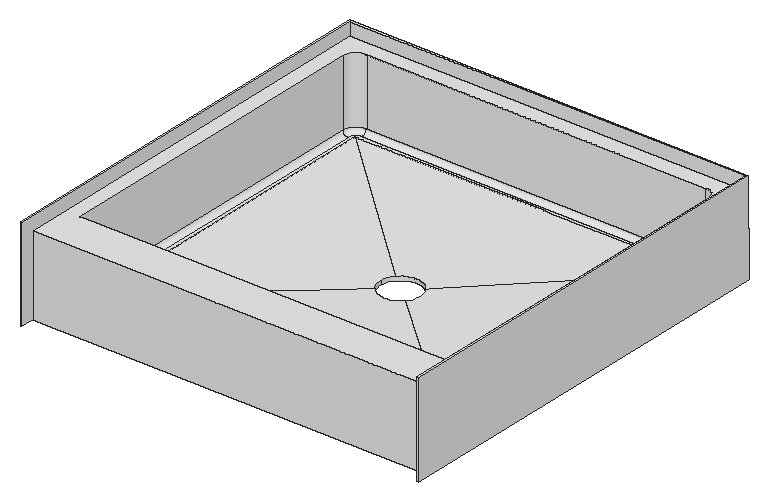
Revit family "P3030", category Plumbing Fixtures, Revit 2014
Parameters (values of type "P3030")
  Unit Width = 30"
  Unit Height = 7"
  Unit Depth = 31"
  URL = "http://www.best-bath.com/"
  Type Comments = "Remodeler"
  Model = "P3030"
  Material [instance] = Best Bath Gelcoat Fiberglass - Smooth
  Manufacturer = "Best Bath Systems, Inc."
  Keynote = "22 40 00.B3"
  Description = "Shower Pan"
  Assembly Code = "D2010710"
Reference planes (in)
  plane 1 "Back": y = -0.5
  plane 2: z = 0
  plane 3 "Left": x = 0
  plane 4: x = 30
  plane 5: z = 6
  plane 6: z = 7
  plane 7: x = 15
  plane 8: y = 29.5
  plane 9: y = 15.5
  plane 10: x = 1.25
  plane 11: x = 28.75
  plane 12: y = 28.25
  plane 13: z = 0.625
  plane 14: z = 0.25
  plane 15: y = -1.5
Forms (in)
  Extrusion 1, solid, material "Best Bath Gelcoat Fiberglass - Smooth"
    sketch origin (0, 0, 0) x (1, 0, 0) y (0, 1, 0)
      loop
        line (0, -0.5) -> (1.25, -0.5) -> (1.25, 27.25)
        arc (1.25, 27.25) -> (1.54289, 27.95711) -> (2.25, 28.25) r 1
        line (2.25, 28.25) -> (27.75, 28.25)
        arc (27.75, 28.25) -> (28.45711, 27.95711) -> (28.75, 27.25) r 1
        line (28.75, 27.25) -> (28.75, -0.5) -> (30, -0.5) -> (30, 29.5) -> (0, 29.5) -> (0, -0.5)
    from 0 to 6
  Extrusion 2, solid, material "Best Bath Gelcoat Fiberglass - Smooth"
    sketch origin (0, 0, 0) x (1, 0, 0) y (0, 1, 0)
      loop
        line (0, -0.5) -> (30, -0.5) -> (30, 29.5) -> (0, 29.5) -> (0, -0.5)
      loop
        circle (15, 15.5) r 1.5
    from 0 to 0.625
  Sweep 3, solid, material "Best Bath Gelcoat Fiberglass - Smooth"
    path origin (0, 0, 0) x (1, 0, 0) y (0, 1, 0)
      loop
        line (28.75, -0.5) -> (28.75, 27.25)
        arc (28.75, 27.25) -> (28.45711, 27.95711) -> (27.75, 28.25) r 1
        line (27.75, 28.25) -> (2.25, 28.25)
        arc (2.25, 28.25) -> (1.54289, 27.95711) -> (1.25, 27.25) r 1
        line (1.25, 27.25) -> (1.25, -0.5)
    profile origin (1.25, 13.375, 0) x (1, 0, 0) y (0, 0, 1)
      loop
        line (0, 0.625) -> (0.375, 0.625)
        arc (0.375, 0.625) -> (0.10983, 0.73483) -> (0, 1) r 0.375
        line (0, 1) -> (0, 0.625)
  Blend 4, void
    base sketch origin (0, 0, 0) x (1, 0, 0) y (0, 1, 0)
      loop
        line (1.875, 3.5147) -> (28.125, 3.5147) -> (28.125, 27.625) -> (1.875, 27.625) -> (1.875, 3.5147)
    top sketch origin (0, 0, 0) x (1, 0, 0) y (0, 1, 0)
      loop
        circle (15, 15.5) r 0.10467
    from 0.625 to 0.25
  Sweep 5, solid, material "Best Bath Gelcoat Fiberglass - Smooth"
    path origin (0, 0, 0) x (1, 0, 0) y (0, 1, 0)
      loop
        line (1.25, -0.5) -> (28.75, -0.5)
    profile origin (15, -0.5, 0) x (0, 1, 0) y (0, 0, 1)
      loop
        line (0, 6) -> (0, 0) -> (4.11592, 0) -> (3.00305, 6) -> (0, 6)
  Extrusion 6, solid, material "Best Bath Gelcoat Fiberglass - Smooth"
    sketch origin (0, 0, 0) x (1, 0, 0) y (0, 1, 0)
      loop
        line (0, -1.5) -> (0.125, -1.5) -> (0.125, 29.375) -> (29.875, 29.375) -> (29.875, -1.5) -> (30, -1.5) -> (30, 29.5) -> (0, 29.5) -> (0, -1.5)
    from 0 to 7
Cuts and joins
  Blend 4 cuts Extrusion 1
  Blend 4 cuts Extrusion 2
  Blend 4 cuts Sweep 3
  joined: Extrusion 1, Extrusion 2, Sweep 3, Sweep 5, Extrusion 6
Dimensions and locks (in)
  "Unit Width": plane 3 "Left" to plane 4
  locked: plane 6 to plane 5 at 1
  "Unit Height": plane 6 to level
  equal spacing: plane 3 "Left", plane 7, plane 4
  locked: plane 8 to plane 12 at 1.25
  locked: plane 11 to plane 4 at 1.25
  locked: plane 3 "Left" to plane 10 at 1.25
  plane 8 to plane 9 = 14"
  locked: plane 13 to plane 14 at 0.375
  locked: plane 13 to level at 0.625
  locked: plane 15 to plane 1 "Back" at 1
  "Unit Depth": plane 8 to plane 15
  aligned and locked: level to plane 2
  aligned and locked: plane 9 to Extrusion 2 sketch curve
  aligned and locked: plane 7 to Extrusion 2 sketch curve
  aligned and locked: Sweep 3 to plane 13
  aligned and locked: Sweep 3 sketch curve to plane 13
  aligned and locked: plane 13 to Extrusion 2
  aligned and locked: plane 9 to Blend 4 sketch curve
  aligned and locked: plane 7 to Blend 4 sketch curve
  aligned and locked: Extrusion 2 to Blend 4
  aligned and locked: Blend 4 to plane 14
  aligned and locked: plane 5 to Extrusion 1
  aligned and locked: plane 5 to Sweep 5
  aligned and locked: plane 6 to Extrusion 6
Automatic sketch dimensions
  plane 1 "Back" to Extrusion 1 sketch curve = 0"  (x2)
  Extrusion 1 sketch curve to plane 3 "Left" = 0"
  Extrusion 1 sketch curve to plane 4 = 0"
  Extrusion 1 sketch curve to plane 8 = 0"
  Extrusion 1 sketch curve to plane 10 = 0"
  Extrusion 1 sketch curve to plane 12 = 0"
  Extrusion 1 sketch curve to plane 11 = 0"
  Extrusion 1 sketch curve to plane 12 = 1"
  plane 10 to Extrusion 1 sketch curve = 1"
  Extrusion 2 sketch curve to plane 4 = 0"
  Extrusion 2 sketch curve to plane 8 = 0"
  profile plane to Sweep 3 sketch curve = 0"
  Sweep 3 sketch curve to profile plane = 0.375"
  Extrusion 2 sketch curve to plane 3 "Left" = 0"
  plane 1 "Back" to Extrusion 2 sketch curve = 0"
  Sweep 3 sketch curve to plane 10 = 0"
  Sweep 3 sketch curve to plane 12 = 0"
  Sweep 3 sketch curve to plane 11 = 0"
  Sweep 3 sketch curve to plane 12 = 1"
  plane 1 "Back" to Sweep 3 sketch curve = 0"  (x2)
  plane 10 to Sweep 3 sketch curve = 1"
  plane 1 "Back" to Sweep 5 sketch curve = 0"
  Sweep 5 sketch curve to plane 10 = 0"
  Sweep 5 sketch curve to plane 11 = 0"
  Sweep 5 sketch curve to profile plane = 0"
  Sweep 5 sketch curve to level = 0"
  Sweep 5 sketch curve to profile plane = 3.00305"
  Sweep 5 sketch curve to profile plane = 4.11592"
  level to Sweep 5 sketch curve = 6"
  plane 10 to Blend 4 sketch curve = 0.625"
  Blend 4 sketch curve to plane 11 = 0.625"
  Blend 4 sketch curve to plane 1 "Back" = 4.0147"
  Blend 4 sketch curve to plane 12 = 0.625"
  Extrusion 6 sketch curve to plane 3 "Left" = 0"
  Extrusion 6 sketch curve to plane 15 = 0"  (x2)
  Extrusion 6 sketch curve to plane 4 = 0"
  Extrusion 6 sketch curve to plane 8 = 0"
  plane 3 "Left" to Extrusion 6 sketch curve = 0.125"
  plane 4 to Extrusion 6 sketch curve = 0.125"
  Extrusion 6 sketch curve to plane 8 = 0.125"
  radius of Extrusion 2 sketch curve = 1.5"
  radius of Blend 4 sketch curve = 0.10467"
